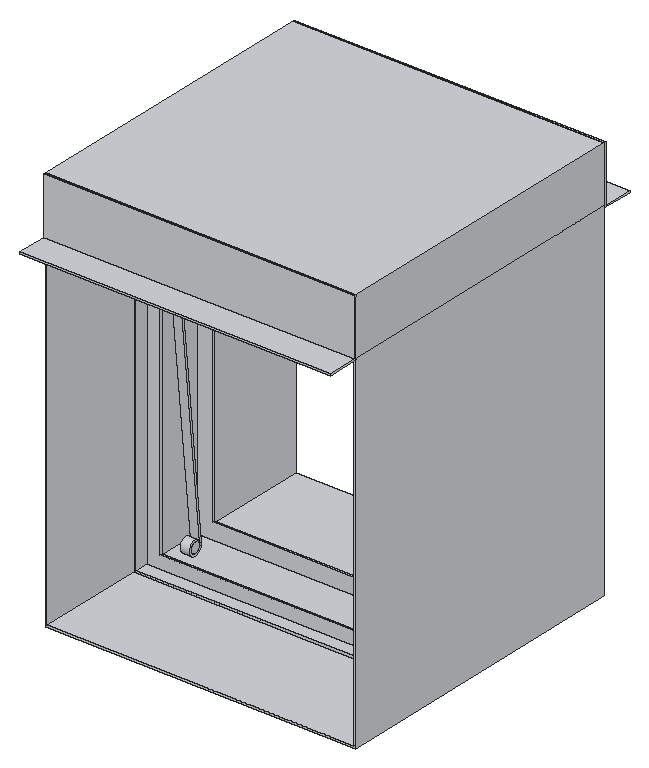
Revit family "IBDFS-BH", category Duct Accessories, Revit 2017
Family settings
  Round Connector Dimension = Use Diameter
  Part Type = Damper
  Work Plane-Based = No
  Always vertical = Yes
  Cut with Voids When Loaded = No
  Shared = No
Parameters (values of type "Default")
  Width(A) [instance] = if(A < 100.000 mm, 100.000 mm, if(A > 1200.000 mm, 1200.000 mm, A))  # 400.000 mm
  Min.C = "390mm"
  Min.B = "144mm"
  Min.A = "100mm"
  Max.C = "700mm"
  Max.B = "1046mm"
  Max.A = "1200mm"
  Height(B) [instance] = if(B < 144.000 mm, 144.000 mm, if(B > 1046.000 mm, 1046.000 mm, B))  # 450.000 mm
  Finish = none
  Depth(C) [instance] = if(C < 390.000 mm, 390.000 mm, if(C > 700.000 mm, 700.000 mm, C))  # 400.000 mm
  C [instance] = 400.000 mm
  B [instance] = 450.000 mm
  A [instance] = 400.000 mm
Reference planes
  plane 1 "Center (Front/Back)": y = 0
  plane 2: z = 0
  plane 3 "Center (Left/Right)": x = 0
  plane 4: z = -225
  plane 5: z = 225
  plane 6: x = 200
  plane 7: x = -200
  plane 8: z = 298.146
  plane 9: y = 200
  plane 10: y = -200
Forms (mm)
  Extrusion 1, solid, material <- "Finish"
    sketch origin (0, 0, 0) x (1, 0, 0) y (0, 0, 1)
      loop
        line (200, 225) -> (197.5, 225) -> (197.5, -222.5) -> (-197.5, -222.5) -> (-197.5, 225) -> (-200, 225) -> (-200, -225) -> (200, -225) -> (200, 225)
    from 200 to -200
  Extrusion 2, solid, material <- "Finish"
    sketch origin (0, 0, 0) x (1, 0, 0) y (0, 0, 1)
      loop
        line (-200, 298.146) -> (-200, 225) -> (-197.5, 225) -> (-197.5, 295.646) -> (197.5, 295.646) -> (197.5, 225) -> (200, 225) -> (200, 298.146) -> (-200, 298.146)
    from 200 to -200
  Extrusion 3, solid, material <- "Finish"
    sketch origin (0, 0, 0) x (0, 1, 0) y (0, 0, 1)
      loop
        line (-200, 298.146) -> (-202, 298.146) -> (-202, 225) -> (-241.028, 225) -> (-241.028, 223) -> (-200, 223) -> (-200, 298.146)
    from -200 to 200
  Extrusion 4, solid, material <- "Finish"
    sketch origin (0, 0, 0) x (0, 1, 0) y (0, 0, 1)
      loop
        line (200, 223) -> (241.028, 223) -> (241.028, 225) -> (202, 225) -> (202, 298.146) -> (200, 298.146) -> (200, 223)
    from 200 to -200
  Sweep 5, solid, material <- "Finish"
    path origin (0, -22.5, 0) x (1, 0, 0) y (0, 0, -1)
      loop
        line (-200, -298.146) -> (200, -298.146) -> (200, 225) -> (-200, 225) -> (-200, -298.146)
    profile origin (0, -22.5, 298.146) x (0, 0, -1) y (0, 1, 0)
      loop
        line (2.5, 63.422) -> (22.5, 63.422) -> (22.5, 66.422) -> (5.5, 66.422) -> (5.5, 83.422) -> (2.5, 83.422) -> (2.5, 63.422)
  Sweep 6, solid, material <- "Finish"
    path origin (0, 22.5, 0) x (1, 0, 0) y (0, 0, 1)
      loop
        line (-200, 298.146) -> (-200, -225) -> (200, -225) -> (200, 298.146) -> (-200, 298.146)
    profile origin (0, 22.5, 298.146) x (0, 0, 1) y (0, -1, 0)
      loop
        line (-2.5, 63.422) -> (-2.5, 83.422) -> (-5.5, 83.422) -> (-5.5, 66.422) -> (-22.5, 66.422) -> (-22.5, 63.422) -> (-2.5, 63.422)
  Extrusion 7, solid, material <- "Finish"
    sketch origin (0, 0, 0) x (0, 1, 0) y (0, 0, 1)
      loop
        line (-33.821, 225) -> (11.353, -211.612) -> (12.948, -211.612) -> (-32.226, 225) -> (-33.821, 225)
    from 170 to 182
  Extrusion 8, solid, material <- "Finish"
    sketch origin (0, 0, 0) x (0, 1, 0) y (0, 0, -1)
      loop
        line (-33.821, -225) -> (-32.226, -225) -> (12.948, 211.612) -> (11.353, 211.612) -> (-33.821, -225)
    from 170 to 182
Dimensions and locks
  equal spacing: plane 5, plane 2, plane 4
  "Height(B)": plane 5 to plane 4
  "Width(A)": plane 7 to plane 6
  equal spacing: plane 7, plane 3 "Center (Left/Right)", plane 6
  locked: plane 8 to plane 5 at 73.146
  "Depth(C)": plane 9 to plane 10
  locked: plane 10 to Extrusion 3 sketch curve at 2
  locked: plane 5 to Extrusion 3 sketch curve at 2
  equal spacing: plane 9, plane 1 "Center (Front/Back)", plane 10
  locked: nested 2 to plane 6 at 18
  locked: nested 2 to plane 4 at 20.617
  locked: plane 7 to nested 3 at 18
  locked: nested 3 to plane 4 at 20.617
  locked: Extrusion 7 sketch curve to plane 4 at 13.388
  locked: Extrusion 7 to Extrusion 7 at 12
  locked: plane 6 to Extrusion 7 at 18
  locked: Extrusion 8 to Extrusion 8 at 12
  locked: plane 7 to Extrusion 8 at 18
  aligned and locked: level to plane 2
  aligned and locked: Extrusion 1 sketch curve to plane 6
  aligned and locked: Extrusion 1 sketch curve to plane 4
  aligned and locked: Extrusion 1 sketch curve to plane 7
  aligned and locked: Extrusion 1 sketch curve to plane 5
  aligned and locked: Extrusion 2 sketch curve to plane 8
  aligned and locked: Extrusion 2 sketch curve to plane 7
  aligned and locked: Extrusion 2 sketch curve to plane 5  (x2)
  aligned and locked: Extrusion 2 sketch curve to plane 6
  aligned and locked: plane 9 to Extrusion 1
  aligned and locked: plane 9 to Extrusion 2
  aligned and locked: Extrusion 1 to plane 10
  aligned and locked: Extrusion 2 to plane 10
  aligned and locked: plane 8 to Extrusion 3 sketch curve
  aligned and locked: plane 10 to Extrusion 3 sketch curve
  aligned and locked: plane 5 to Extrusion 3 sketch curve
  aligned and locked: plane 6 to Extrusion 3
  aligned and locked: Extrusion 3 to plane 7
  aligned and locked: plane 9 to Extrusion 4 sketch curve
  aligned and locked: plane 8 to Extrusion 4 sketch curve
  aligned and locked: plane 5 to Extrusion 4 sketch curve
  aligned and locked: Extrusion 4 to plane 7
  aligned and locked: plane 6 to Extrusion 4
  aligned and locked: plane 3 "Center (Left/Right)" to nested 1
  aligned and locked: plane 8 to nested 1
  aligned and locked: nested 3 to plane 1 "Center (Front/Back)"
  aligned and locked: Extrusion 7 sketch curve to plane 5
Automatic sketch dimensions
  Extrusion 1 sketch curve to plane 5 = 0.000 mm
  Extrusion 1 sketch curve to Extrusion 1 sketch curve = 2.500 mm
  Extrusion 1 sketch curve to plane 6 = 2.500 mm
  plane 4 to Extrusion 1 sketch curve = 2.500 mm
  Extrusion 2 sketch curve to plane 7 = 2.500 mm
  Extrusion 2 sketch curve to plane 6 = 2.500 mm
  Extrusion 2 sketch curve to plane 8 = 2.500 mm
  Extrusion 3 sketch curve to Extrusion 3 sketch curve = 39.028 mm
  plane 9 to Extrusion 4 sketch curve = 2.000 mm
  Extrusion 4 sketch curve to Extrusion 4 sketch curve = 39.028 mm
  Extrusion 4 sketch curve to plane 5 = 2.000 mm
  Sweep 5 sketch curve to plane 4 = 0.000 mm
  plane 7 to Sweep 5 sketch curve = 0.000 mm
  Sweep 5 sketch curve to plane 6 = 0.000 mm
  Sweep 5 sketch curve to plane 8 = 0.000 mm
  Sweep 5 sketch curve to profile plane = 2.500 mm
  Sweep 5 sketch curve to Sweep 5 sketch curve = 3.000 mm  (x2)
  Sweep 5 sketch curve to Sweep 5 sketch curve = 17.000 mm  (x2)
  profile plane to Sweep 5 sketch curve = 63.422 mm
  Sweep 6 sketch curve to plane 4 = 0.000 mm
  plane 7 to Sweep 6 sketch curve = 0.000 mm
  Sweep 6 sketch curve to plane 6 = 0.000 mm
  Sweep 6 sketch curve to plane 8 = 0.000 mm
  profile plane to Sweep 6 sketch curve = 22.500 mm
  profile plane to Sweep 6 sketch curve = 5.500 mm
  profile plane to Sweep 6 sketch curve = 2.500 mm
  profile plane to Sweep 6 sketch curve = 63.422 mm
  Sweep 6 sketch curve to Sweep 6 sketch curve = 3.000 mm
  Sweep 6 sketch curve to Sweep 6 sketch curve = 17.000 mm
  plane 1 "Center (Front/Back)" to Extrusion 7 sketch curve = 33.821 mm
  Extrusion 7 sketch curve to Extrusion 7 sketch curve = 1.595 mm  (x2)
  Extrusion 7 sketch curve to plane 1 "Center (Front/Back)" = 11.353 mm
  Extrusion 8 sketch curve to plane 5 = 0.000 mm
  plane 1 "Center (Front/Back)" to Extrusion 8 sketch curve = 33.821 mm
  Extrusion 8 sketch curve to Extrusion 8 sketch curve = 1.595 mm  (x2)
  Extrusion 8 sketch curve to plane 1 "Center (Front/Back)" = 11.353 mm
  plane 4 to Extrusion 8 sketch curve = 13.388 mm
Nested families
  nested 1: "inner unit" at (0, 0, 0), type "inner unit"
    with Depth(C) 400.000 mm
  nested 2: "nut" at (50, -0.25, -111.573), type "nut"
    with Width(A) 300.000 mm, Height(B) 226.854 mm, Depth(C) 187.000 mm
  nested 3: "nut" at (-50, 0, -111.573) x (-1, 0, 0) z (0, 0, 1), type "nut"
    with Width(A) 300.000 mm, Height(B) 226.854 mm, Depth(C) 187.000 mm
Connectors
  hvac at (0, -200, 0.625), driven by "Height(B)", driven by "Width(A)"
    settings: on Extrusion 1, index 1, duct flow 0.0 L/s, flow factor 0, pres drop 0.0 Pa, loss coef 0, conn angle 0.00°, conn width 400 mm, conn height 450 mm, conn diameter 609.6 mm, duct sys type 29, conn prof type 1, flow config 0, flow direction 0, loss method 0, conn ref index -1, conn util no, is conn primary yes, conn desc ""
  hvac at (0, 200, 0.625), driven by "Height(B)", driven by "Width(A)"
    settings: on Extrusion 1, index 2, duct flow 0.0 L/s, flow factor 0, pres drop 0.0 Pa, loss coef 0, conn angle 0.00°, conn width 400 mm, conn height 450 mm, conn diameter 609.6 mm, duct sys type 29, conn prof type 1, flow config 0, flow direction 0, loss method 0, conn ref index -1, conn util no, is conn primary no, conn desc ""
Definition of nested family "inner unit"
  Parameters (values of type "inner unit")
    Width(A) = 400.000 mm
    Material = none
    Height(B) = 450.000 mm
    Depth(C) = 600.000 mm
  Reference planes
    plane 1 "Center (Front/Back)": y = 0
    plane 2: z = 0
    plane 3 "Center (Left/Right)": x = 0
    plane 4: z = -225
    plane 5: z = 225
    plane 6: x = 200
    plane 7: x = -200
    plane 8: z = 298.146
    plane 9: y = 300
    plane 10: y = -300
    plane 11: y = -41.12
    plane 12: y = 41.12
  Forms (mm)
    Extrusion 1, solid, material <- "Material"
      sketch origin (0, 8.5, 0) x (0, 1, 0) y (0, 0, 1)
        loop
          arc (26.5, 230.095) -> (30.849, 230.947) -> (32.812, 234.919) r 5
          arc (32.812, 234.919) -> (30.849, 238.892) -> (26.5, 239.744) r 5
          line (26.5, 239.744) -> (26.5, 248.095)
          arc (26.5, 248.095) -> (30.849, 248.947) -> (32.812, 252.919) r 5
          arc (32.812, 252.919) -> (30.849, 256.892) -> (26.5, 257.744) r 5
          line (26.5, 257.744) -> (26.5, 266.095)
          arc (26.5, 266.095) -> (30.849, 266.947) -> (32.812, 270.919) r 5
          arc (32.812, 270.919) -> (30.849, 274.892) -> (26.5, 275.744) r 5
          line (26.5, 275.744) -> (26.5, 284.095)
          arc (26.5, 284.095) -> (30.849, 284.947) -> (32.812, 288.919) r 5
          arc (32.812, 288.919) -> (30.849, 292.892) -> (26.5, 293.744) r 5
          line (26.5, 293.744) -> (26.5, 295.646) -> (-43.5, 295.646) -> (-43.5, 293.662)
          arc (-43.5, 293.662) -> (-49.62, 291.103) -> (-43.5, 288.545) r 3.595
          line (-43.5, 288.545) -> (-43.5, 278.662)
          arc (-43.5, 278.662) -> (-49.62, 276.103) -> (-43.5, 273.545) r 3.595
          line (-43.5, 273.545) -> (-43.5, 263.662)
          arc (-43.5, 263.662) -> (-49.62, 261.103) -> (-43.5, 258.545) r 3.595
          line (-43.5, 258.545) -> (-43.5, 248.662)
          arc (-43.5, 248.662) -> (-49.62, 246.103) -> (-43.5, 243.545) r 3.595
          line (-43.5, 243.545) -> (-43.5, 233.662)
          arc (-43.5, 233.662) -> (-49.62, 231.103) -> (-43.5, 228.545) r 3.595
          line (-43.5, 228.545) -> (-43.5, 225.646) -> (26.5, 225.646) -> (26.5, 230.095)
      from -197.5 to 197.5
    Extrusion 2, solid, material <- "Material"
      sketch origin (0, 0, 0) x (0, 1, 0) y (0, 0, 1)
        loop
          line (-63.982, 214.959) -> (65.482, 214.921) -> (65.482, 224.921) -> (-63.982, 224.959) -> (-63.982, 214.959)
      from 0 to -1.607
  Dimensions and locks
    equal spacing: plane 5, plane 2, plane 4
    "Height(B)": plane 5 to plane 4
    "Width(A)": plane 7 to plane 6
    equal spacing: plane 7, plane 3 "Center (Left/Right)", plane 6
    locked: plane 8 to plane 5 at 73.146
    "Depth(C)": plane 9 to plane 10
    equal spacing: plane 9, plane 1 "Center (Front/Back)", plane 10
    locked: Extrusion 1 sketch curve to plane 5 at 0.646
    locked: plane 8 to Extrusion 1 sketch curve at 2.5
    Extrusion 1 sketch curve to Extrusion 1 sketch curve = 70.000 mm
    locked: plane 7 to Extrusion 1 at 2.5
    locked: plane 6 to Extrusion 1 at 2.5
    locked: plane 8 to nested 2 at 2.5
    locked: plane 8 to nested 1 at 2.5
    nested 1 to plane 12 = 23.500 mm
    locked: plane 1 "Center (Front/Back)" to Extrusion 2 at 63.982
    locked: Extrusion 2 to plane 1 "Center (Front/Back)" at 65.482
    aligned and locked: level to plane 2
    aligned and locked: nested 2 to plane 3 "Center (Left/Right)"
    aligned and locked: plane 3 "Center (Left/Right)" to nested 1
  Automatic sketch dimensions
    Extrusion 1 sketch curve to Extrusion 1 sketch curve = 0.000 mm  (x15)
    plane 1 "Center (Front/Back)" to Extrusion 1 sketch curve = 37.525 mm
    Extrusion 1 sketch curve to plane 8 = 7.043 mm
    plane 5 to Extrusion 1 sketch curve = 6.103 mm
    Extrusion 1 sketch curve to Extrusion 1 sketch curve = 2.525 mm  (x6)
    Extrusion 1 sketch curve to plane 1 "Center (Front/Back)" = 35.000 mm  (x2)
    Extrusion 1 sketch curve to Extrusion 1 sketch curve = 1.312 mm  (x4)
    Extrusion 1 sketch curve to Extrusion 1 sketch curve = 2.899 mm
    Extrusion 1 sketch curve to Extrusion 1 sketch curve = 4.449 mm
    Extrusion 1 sketch curve to Extrusion 1 sketch curve = 4.825 mm  (x4)
    Extrusion 1 sketch curve to Extrusion 1 sketch curve = 9.883 mm  (x3)
    Extrusion 1 sketch curve to Extrusion 1 sketch curve = 2.559 mm  (x4)
    Extrusion 1 sketch curve to Extrusion 1 sketch curve = 8.351 mm  (x3)
    Extrusion 2 sketch curve to plane 5 = 10.041 mm
    Extrusion 2 sketch curve to plane 5 = 0.079 mm
    Extrusion 2 sketch curve to plane 5 = 10.079 mm
    Extrusion 2 sketch curve to plane 5 = 0.041 mm
    Extrusion 2 sketch curve to plane 9 = 234.518 mm
    plane 10 to Extrusion 2 sketch curve = 236.018 mm
  Nested families
    nested 1: "Clamp" at (0, 1.134, 111.573), type "Clamp"
    nested 2: "Clamp" at (0, 0.366, 111.573), type "Clamp"
  Definition of nested family "Clamp"
    Parameters (values of type "Clamp")
      Clamp = none
    Reference planes
      plane 1 "Center (Front/Back)": y = 0
      plane 2: z = 0
      plane 3 "Center (Left/Right)": x = 0
      plane 4: y = 63.486
      plane 5: z = 184.073
      plane 6: z = 99.264
    Forms (mm)
      Extrusion 1, solid, material <- "Clamp"
        sketch origin (1.393, 85.738, 99.8) x (0, -0.00691, 0.999976) y (0, -0.999976, -0.00691)
          loop
            line (2.549, -4.301) -> (9.31, 5.013)
            spline (9.31, 5.013) -> (9.407, 5.269) -> (9.523, 5.525) -> (9.651, 5.782) -> (9.785, 6.039) -> (9.92, 6.298) -> (10.048, 6.56) -> (10.163, 6.826) -> (10.259, 7.095) -> (10.33, 7.369) -> (10.37, 7.648) -> (10.371, 7.934) -> (10.328, 8.226)
            line (10.328, 8.226) -> (21.557, 23.431)
            arc (21.557, 23.431) -> (20.88, 24.639) -> (19.581, 25.118) r 2
            line (19.581, 25.118) -> (10.328, 13.813)
            arc (10.328, 13.813) -> (7.382, 13.117) -> (6.908, 16.107) r 2.065
            line (6.908, 16.107) -> (-4.878, 1.096)
            arc (-4.878, 1.096) -> (-2.94, -4.045) -> (2.549, -4.301) r 5
        from 0 to -1
      Extrusion 2, solid, material <- "Clamp"
        sketch origin (0, 74.348, 107.958) x (0, 0, 1) y (1, 0, 0)
          loop
            line (-7.695, -3.5) -> (17.115, -3.5) -> (17.115, -10) -> (18.115, -10) -> (18.115, -3.5)
            arc (18.115, -3.5) -> (17.822, -2.793) -> (17.115, -2.5) r 1
            line (17.115, -2.5) -> (-6.047, -2.5)
            arc (-6.047, -2.5) -> (-6.754, -2.207) -> (-7.047, -1.5) r 1
            line (-7.047, -1.5) -> (-7.047, 1.5)
            arc (-7.047, 1.5) -> (-6.754, 2.207) -> (-6.047, 2.5) r 1
            line (-6.047, 2.5) -> (17.285, 2.5)
            arc (17.285, 2.5) -> (17.993, 2.793) -> (18.285, 3.5) r 1
            line (18.285, 3.5) -> (18.285, 10) -> (17.285, 10) -> (17.285, 3.5) -> (-7.695, 3.5)
            arc (-7.695, 3.5) -> (-8.402, 3.207) -> (-8.695, 2.5) r 1
            line (-8.695, 2.5) -> (-8.695, -2.5)
            arc (-8.695, -2.5) -> (-8.402, -3.207) -> (-7.695, -3.5) r 1
        from 0 to -10
      Extrusion 3, solid, material <- "Clamp"
        sketch origin (0, 0, 0) x (0, -1, 0) y (0, 0, -1)
          loop
            line (-63.486, -184.073) -> (-63.486, -126.073) -> (-78.486, -126.073) -> (-78.486, -127.573) -> (-64.986, -127.573) -> (-64.986, -182.573) -> (-78.486, -182.573) -> (-78.486, -184.073) -> (-63.486, -184.073)
        from -10 to 10
      Extrusion 4, solid, material <- "Clamp"
        sketch origin (0, 0, 0) x (0, 1, 0) y (0, 0, 1)
          loop
            line (64.348, 113.24) -> (64.348, 103.24) -> (69.358, 103.23)
            arc (69.358, 103.23) -> (74.358, 108.23) -> (69.358, 113.23) r 5
            line (69.358, 113.23) -> (64.348, 113.24)
        from 0.393 to -1.607
      Extrusion 5, void
        sketch origin (0, 0, 0) x (0, 1, 0) y (0, 0, 1)
          loop
            line (67.848, 98.168) -> (70.848, 98.168) -> (70.848, 113.168)
            arc (70.848, 113.168) -> (69.348, 114.349) -> (67.848, 113.168) r 1.543
            line (67.848, 113.168) -> (67.848, 98.168)
        from -6.86 to 32.85
      Extrusion 6, solid, material <- "Clamp"
        sketch origin (-4.607, 69.348, 108.23) x (0, 0.001994, 0.999998) y (0, 0.999998, -0.001994)
          loop
            circle (0.031, -0.028) r 1.577
        from 0 to -8
    Cuts and joins
      Extrusion 5 cuts Extrusion 2
    Dimensions and locks
      aligned and locked: level to plane 2
Definition of nested family "nut"
  Parameters (values of type "nut")
    Width(A) [instance] = 300.000 mm
    Height(B) [instance] = 226.854 mm
    Finish = none
    Depth(C) [instance] = 187.000 mm
  Reference planes
    plane 1 "Center (Front/Back)": y = 0
    plane 2: z = 0
    plane 3 "Center (Left/Right)": x = 0
    plane 4: z = -113.427
    plane 5: z = 113.427
    plane 6: x = 150
    plane 7: x = -150
    plane 8: z = 186.573
    plane 9: y = 93.5
    plane 10: y = -93.5
    plane 11: x = 132
    plane 12: z = -92.81
  Forms (mm)
    Extrusion 1, solid, material <- "Finish"
      sketch origin (0, 0, 0) x (0, 1, 0) y (0, 0, 1)
        loop
          line (0.754, -95.108) -> (-3.304, -100.939) -> (-0.283, -107.368) -> (6.795, -107.966) -> (10.853, -102.136) -> (7.832, -95.706) -> (0.754, -95.108)
        loop
          line (6.858, -94.612) -> (7.832, -93.641)
          arc (7.832, -93.641) -> (-3.093, -107.621) -> (12.948, -100.039) r 9.117
          line (12.948, -100.039) -> (11.353, -100.039)
          arc (11.353, -100.039) -> (-1.907, -106.447) -> (6.858, -94.612) r 7.584
      from 120 to 132
  Dimensions and locks
    equal spacing: plane 5, plane 2, plane 4
    "Height(B)": plane 5 to plane 4
    "Width(A)": plane 7 to plane 6
    equal spacing: plane 7, plane 3 "Center (Left/Right)", plane 6
    locked: plane 8 to plane 5 at 73.146
    "Depth(C)": plane 9 to plane 10
    equal spacing: plane 9, plane 1 "Center (Front/Back)", plane 10
    locked: plane 6 to plane 11 at 18
    aligned and locked: level to plane 2
  Automatic sketch dimensions
    plane 1 "Center (Front/Back)" to Extrusion 1 sketch curve = 3.304 mm
    plane 1 "Center (Front/Back)" to Extrusion 1 sketch curve = 0.283 mm
    Extrusion 1 sketch curve to plane 1 "Center (Front/Back)" = 0.754 mm
    Extrusion 1 sketch curve to plane 1 "Center (Front/Back)" = 3.934 mm
    Extrusion 1 sketch curve to Extrusion 1 sketch curve = 0.095 mm
    Extrusion 1 sketch curve to Extrusion 1 sketch curve = 2.767 mm
    Extrusion 1 sketch curve to Extrusion 1 sketch curve = 0.974 mm  (x2)
    Extrusion 1 sketch curve to Extrusion 1 sketch curve = 6.825 mm
    plane 4 to Extrusion 1 sketch curve = 5.461 mm
    plane 4 to Extrusion 1 sketch curve = 6.059 mm
    Extrusion 1 sketch curve to Extrusion 1 sketch curve = 5.831 mm
    Extrusion 1 sketch curve to Extrusion 1 sketch curve = 6.039 mm
    Extrusion 1 sketch curve to Extrusion 1 sketch curve = 0.317 mm
    Extrusion 1 sketch curve to Extrusion 1 sketch curve = 6.429 mm
    Extrusion 1 sketch curve to Extrusion 1 sketch curve = 5.903 mm
    Extrusion 1 sketch curve to Extrusion 1 sketch curve = 0.598 mm
    Extrusion 1 sketch curve to Extrusion 1 sketch curve = 1.094 mm
    Extrusion 1 sketch curve to Extrusion 1 sketch curve = 0.971 mm
    Extrusion 1 sketch curve to Extrusion 1 sketch curve = 0.500 mm
    Extrusion 1 sketch curve to Extrusion 1 sketch curve = 1.595 mm
